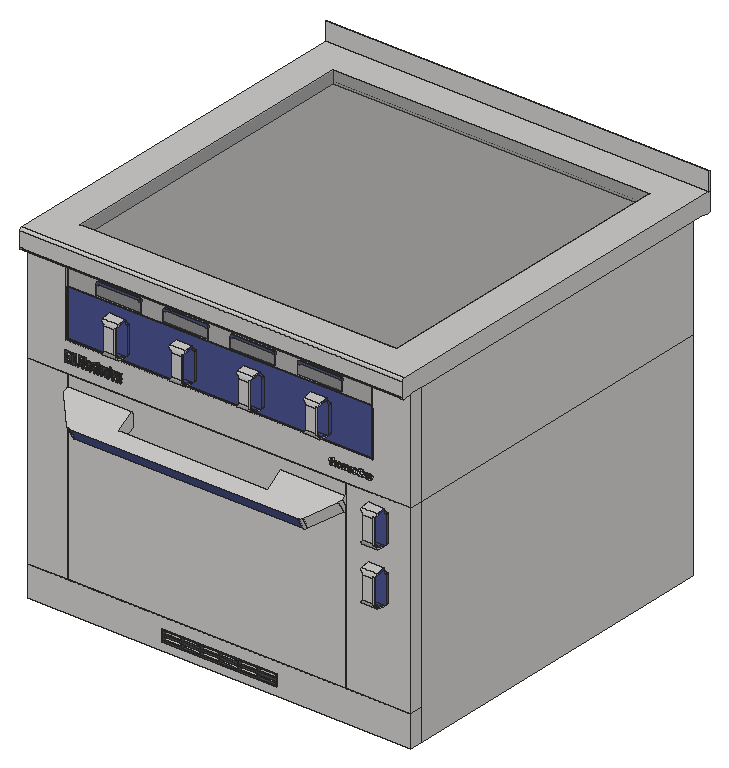
Revit family "QF_ELECTROLUXPROFESSIONAL_588428_MAIMEBH8AO", category Attrezzature speciali, Revit 2020 (continued)
Definition of nested family "Front_Panel_W800_4 Knobs"
  Definition of nested family "ELX_Professional_Logo_Small"
    Forms (mm)
      Extrusion 2, solid, material <- "Material_Logo"
        sketch origin (15.5, 0, 0) x (1, 0, 0) y (0, 1, 0)
          loop
            spline (-20.635, 1.669) -> (-20.584, 0.889) -> (-20.433, 0.149) -> (-20.19, -0.545) -> (-19.862, -1.187) -> (-19.455, -1.774) -> (-18.976, -2.299) -> (-18.43, -2.758) -> (-17.826, -3.145) -> (-17.169, -3.454) -> (-16.467, -3.682) -> (-15.725, -3.823) -> (-14.951, -3.871)
            spline (-14.951, -3.871) -> (-14.564, -3.86) -> (-14.184, -3.826) -> (-13.809, -3.77) -> (-13.44, -3.689) -> (-13.078, -3.583) -> (-12.723, -3.451) -> (-12.375, -3.292) -> (-12.035, -3.105) -> (-11.703, -2.89) -> (-11.38, -2.646) -> (-11.065, -2.371) -> (-10.76, -2.066)
            line (-10.76, -2.066) -> (-12.295, -0.468)
            spline (-12.295, -0.468) -> (-12.474, -0.643) -> (-12.659, -0.805) -> (-12.85, -0.953) -> (-13.048, -1.087) -> (-13.254, -1.206) -> (-13.467, -1.311) -> (-13.69, -1.4) -> (-13.921, -1.475) -> (-14.162, -1.533) -> (-14.414, -1.575) -> (-14.677, -1.6) -> (-14.951, -1.609)
            spline (-14.951, -1.609) -> (-15.398, -1.581) -> (-15.823, -1.497) -> (-16.223, -1.362) -> (-16.596, -1.179) -> (-16.937, -0.95) -> (-17.243, -0.678) -> (-17.512, -0.367) -> (-17.739, -0.02) -> (-17.921, 0.36) -> (-18.055, 0.771) -> (-18.138, 1.208) -> (-18.167, 1.669)
          loop
            spline (-4.441, -1.243) -> (-4.659, -1.247) -> (-4.894, -1.23) -> (-5.137, -1.19) -> (-5.384, -1.121) -> (-5.628, -1.021) -> (-5.864, -0.884) -> (-6.084, -0.708) -> (-6.283, -0.488) -> (-6.454, -0.219) -> (-6.592, 0.101) -> (-6.69, 0.478) -> (-6.742, 0.914)
            line (-6.742, 0.914) -> (-6.742, 4.587) -> (-4.487, 4.587) -> (-4.487, 6.838) -> (-6.738, 6.838) -> (-6.738, 10.824) -> (-9.217, 10.824) -> (-9.217, 0.773)
            spline (-9.217, 0.773) -> (-9.164, 0.19) -> (-9.068, -0.358) -> (-8.928, -0.87) -> (-8.742, -1.343) -> (-8.511, -1.777) -> (-8.232, -2.168) -> (-7.904, -2.515) -> (-7.527, -2.816) -> (-7.098, -3.069) -> (-6.618, -3.273) -> (-6.084, -3.426) -> (-5.496, -3.525)
            line (-5.496, -3.525) -> (-4.45, -3.573) -> (-4.441, -1.243)
          loop
            spline (3.898, 6.983) -> (3.469, 7.009) -> (3.056, 7.001) -> (2.661, 6.961) -> (2.283, 6.888) -> (1.925, 6.785) -> (1.588, 6.652) -> (1.272, 6.49) -> (0.979, 6.301) -> (0.71, 6.085) -> (0.465, 5.844) -> (0.247, 5.578) -> (0.056, 5.289)
            line (0.056, 5.289) -> (0.056, 6.838) -> (-2.402, 6.838) -> (-2.402, -3.572) -> (0.056, -3.572) -> (0.056, 1.901)
            spline (0.056, 1.901) -> (0.079, 2.316) -> (0.145, 2.703) -> (0.254, 3.06) -> (0.404, 3.386) -> (0.592, 3.679) -> (0.818, 3.938) -> (1.08, 4.162) -> (1.375, 4.348) -> (1.703, 4.495) -> (2.062, 4.602) -> (2.45, 4.668) -> (2.865, 4.69)
            line (2.865, 4.69) -> (3.898, 4.586) -> (3.898, 6.983)
          loop
            spline (15.638, 1.633) -> (15.586, 2.396) -> (15.435, 3.124) -> (15.192, 3.81) -> (14.863, 4.449) -> (14.455, 5.034) -> (13.975, 5.56) -> (13.43, 6.021) -> (12.826, 6.411) -> (12.17, 6.724) -> (11.469, 6.955) -> (10.729, 7.098) -> (9.958, 7.147)
            spline (9.958, 7.147) -> (9.182, 7.098) -> (8.44, 6.955) -> (7.737, 6.724) -> (7.081, 6.411) -> (6.477, 6.021) -> (5.933, 5.56) -> (5.454, 5.034) -> (5.048, 4.449) -> (4.721, 3.81) -> (4.479, 3.124) -> (4.329, 2.396) -> (4.277, 1.633)
            spline (4.277, 1.633) -> (4.329, 0.869) -> (4.479, 0.141) -> (4.721, -0.544) -> (5.048, -1.183) -> (5.454, -1.768) -> (5.933, -2.294) -> (6.477, -2.755) -> (7.081, -3.145) -> (7.737, -3.459) -> (8.44, -3.69) -> (9.182, -3.833) -> (9.958, -3.882)
            spline (9.958, -3.882) -> (10.729, -3.833) -> (11.469, -3.69) -> (12.17, -3.459) -> (12.826, -3.145) -> (13.43, -2.755) -> (13.975, -2.294) -> (14.455, -1.768) -> (14.863, -1.183) -> (15.192, -0.544) -> (15.435, 0.141) -> (15.586, 0.869) -> (15.638, 1.633)
          loop
            spline (13.18, 1.633) -> (13.151, 2.083) -> (13.067, 2.513) -> (12.932, 2.918) -> (12.748, 3.296) -> (12.52, 3.642) -> (12.251, 3.954) -> (11.943, 4.227) -> (11.601, 4.459) -> (11.228, 4.645) -> (10.828, 4.782) -> (10.403, 4.867) -> (9.958, 4.896)
            spline (9.958, 4.896) -> (9.509, 4.867) -> (9.081, 4.782) -> (8.679, 4.645) -> (8.306, 4.459) -> (7.964, 4.227) -> (7.658, 3.954) -> (7.39, 3.642) -> (7.163, 3.296) -> (6.981, 2.918) -> (6.847, 2.513) -> (6.765, 2.083) -> (6.736, 1.633)
            spline (6.736, 1.633) -> (6.765, 1.182) -> (6.847, 0.753) -> (6.981, 0.347) -> (7.163, -0.031) -> (7.39, -0.377) -> (7.658, -0.689) -> (7.964, -0.962) -> (8.306, -1.193) -> (8.679, -1.38) -> (9.081, -1.517) -> (9.509, -1.602) -> (9.958, -1.631)
            spline (9.958, -1.631) -> (10.403, -1.602) -> (10.828, -1.517) -> (11.228, -1.38) -> (11.601, -1.193) -> (11.943, -0.962) -> (12.251, -0.689) -> (12.52, -0.377) -> (12.748, -0.031) -> (12.932, 0.347) -> (13.067, 0.753) -> (13.151, 1.182) -> (13.18, 1.633)
          loop
            line (17.162, 4.269) -> (17.162, -3.573) -> (19.642, -3.573) -> (19.642, 10.824) -> (17.162, 10.824) -> (17.162, 4.269)
          loop
            line (28.581, 6.838) -> (28.581, 0.786)
            spline (28.581, 0.786) -> (28.561, 0.393) -> (28.503, 0.038) -> (28.409, -0.279) -> (28.281, -0.559) -> (28.122, -0.802) -> (27.933, -1.011) -> (27.717, -1.185) -> (27.476, -1.325) -> (27.213, -1.433) -> (26.929, -1.509) -> (26.626, -1.554) -> (26.308, -1.569)
            spline (26.308, -1.569) -> (25.99, -1.554) -> (25.688, -1.509) -> (25.404, -1.434) -> (25.141, -1.326) -> (24.9, -1.187) -> (24.684, -1.014) -> (24.496, -0.807) -> (24.336, -0.565) -> (24.209, -0.288) -> (24.115, 0.026) -> (24.057, 0.376) -> (24.037, 0.765)
            line (24.037, 0.765) -> (24.037, 6.838) -> (21.537, 6.838) -> (21.537, 0.558)
            spline (21.537, 0.558) -> (21.581, -0.153) -> (21.71, -0.8) -> (21.916, -1.384) -> (22.195, -1.904) -> (22.54, -2.362) -> (22.944, -2.757) -> (23.403, -3.09) -> (23.909, -3.362) -> (24.456, -3.572) -> (25.04, -3.722) -> (25.652, -3.811) -> (26.288, -3.841)
            spline (26.288, -3.841) -> (26.929, -3.811) -> (27.547, -3.72) -> (28.135, -3.568) -> (28.687, -3.355) -> (29.197, -3.079) -> (29.66, -2.741) -> (30.068, -2.341) -> (30.415, -1.877) -> (30.696, -1.349) -> (30.905, -0.757) -> (31.034, -0.101) -> (31.079, 0.621)
            line (31.079, 0.621) -> (31.079, 6.838) -> (28.581, 6.838)
          loop
            line (40.457, -0.243) -> (38.894, 1.942) -> (40.83, 4.579) -> (42.488, 6.837) -> (39.782, 6.837) -> (37.53, 3.719) -> (35.258, 6.837) -> (32.573, 6.837) -> (34.113, 4.731) -> (36.167, 1.922) -> (34.014, -1.076) -> (32.222, -3.573) -> (34.887, -3.573) -> (37.53, 0.104) -> (40.174, -3.573) -> (42.839, -3.573) -> (40.457, -0.243)
          loop
            line (-46.121, -5.837) -> (-48.039, -5.837) -> (-48.039, -10.814) -> (-47.016, -10.814) -> (-47.016, -9.128) -> (-46.121, -9.128)
            arc (-46.121, -9.128) -> (-44.476, -7.482) -> (-46.121, -5.837) r 1.645
          loop
            line (-46.163, -6.778) -> (-47.016, -6.778) -> (-47.016, -8.187) -> (-46.163, -8.187)
            arc (-46.163, -8.187) -> (-45.458, -7.482) -> (-46.163, -6.778) r 0.704
          loop
            line (-38.313, -5.837) -> (-40.265, -5.837) -> (-40.265, -10.814) -> (-39.241, -10.814) -> (-39.241, -9.1) -> (-38.46, -9.182) -> (-37.48, -10.814) -> (-36.318, -10.814) -> (-37.513, -8.848)
            arc (-37.513, -8.848) -> (-36.888, -8.266) -> (-36.671, -7.441) r 1.536
            arc (-36.671, -7.441) -> (-37.165, -6.305) -> (-38.313, -5.837) r 1.643
          loop
            arc (-38.402, -8.166) -> (-37.707, -7.505) -> (-38.334, -6.778) r 0.696
            line (-38.334, -6.778) -> (-39.241, -6.778) -> (-39.241, -8.166) -> (-38.402, -8.166)
          loop
            circle (-29.965, -8.325) r 2.585
          loop
            circle (-29.965, -8.325) r 1.64
          loop
            line (-23.1, -5.837) -> (-23.1, -10.814) -> (-22.076, -10.814) -> (-22.076, -8.768) -> (-20.204, -8.768) -> (-20.204, -7.828) -> (-22.076, -7.828) -> (-22.076, -6.778) -> (-20.024, -6.778) -> (-20.024, -5.837) -> (-23.1, -5.837)
          loop
            line (-15.802, -5.837) -> (-15.802, -9.2)
            arc (-15.802, -9.2) -> (-15.343, -10.34) -> (-14.209, -10.814) r 1.593
            line (-14.209, -10.814) -> (-12.602, -10.814) -> (-12.602, -10.027) -> (-14.004, -10.027)
            arc (-14.004, -10.027) -> (-14.552, -9.8) -> (-14.779, -9.252) r 0.775
            line (-14.779, -9.252) -> (-14.779, -8.424) -> (-12.789, -8.424) -> (-12.789, -7.642) -> (-14.779, -7.642) -> (-14.779, -6.778) -> (-12.651, -6.778) -> (-12.651, -5.837) -> (-15.802, -5.837)
          loop
            line (-5.909, -7.143) -> (-5.173, -6.638)
            arc (-5.173, -6.638) -> (-5.855, -5.974) -> (-6.781, -5.755) r 1.782
            arc (-6.781, -5.755) -> (-7.397, -5.878) -> (-7.944, -6.189) r 1.974
            arc (-7.944, -6.189) -> (-8.202, -6.5) -> (-8.317, -6.888) r 1.013
            arc (-8.317, -6.888) -> (-8.306, -7.341) -> (-8.192, -7.78) r 1.985
            arc (-8.192, -7.78) -> (-7.749, -8.259) -> (-7.171, -8.563) r 1.928
            arc (-7.171, -8.563) -> (-6.637, -8.779) -> (-6.131, -9.056) r 5.041
            arc (-6.131, -9.056) -> (-5.934, -9.387) -> (-6.09, -9.74) r 0.42
            arc (-6.09, -9.74) -> (-6.631, -9.96) -> (-7.204, -9.845) r 1.016
            arc (-7.204, -9.845) -> (-7.625, -9.603) -> (-7.889, -9.196) r 1.033
            line (-7.889, -9.196) -> (-8.67, -9.686)
            arc (-8.67, -9.686) -> (-8.361, -10.198) -> (-7.908, -10.589) r 1.914
            arc (-7.908, -10.589) -> (-7.334, -10.834) -> (-6.714, -10.896) r 2.063
            arc (-6.714, -10.896) -> (-5.947, -10.743) -> (-5.256, -10.376) r 2.696
            arc (-5.256, -10.376) -> (-4.95, -9.565) -> (-5.108, -8.712) r 1.618
            arc (-5.108, -8.712) -> (-5.448, -8.319) -> (-5.884, -8.035) r 1.876
            arc (-5.884, -8.035) -> (-6.434, -7.789) -> (-6.999, -7.577) r 9.883
            arc (-6.999, -7.577) -> (-7.325, -7.07) -> (-6.854, -6.694) r 0.45
            arc (-6.854, -6.694) -> (-6.329, -6.809) -> (-5.909, -7.143) r 1.197
          loop
            line (1.61, -7.143) -> (2.345, -6.638)
            arc (2.345, -6.638) -> (1.663, -5.974) -> (0.737, -5.755) r 1.782
            arc (0.737, -5.755) -> (0.121, -5.878) -> (-0.425, -6.189) r 1.974
            arc (-0.425, -6.189) -> (-0.683, -6.5) -> (-0.799, -6.888) r 1.013
            arc (-0.799, -6.888) -> (-0.788, -7.341) -> (-0.674, -7.78) r 1.985
            arc (-0.674, -7.78) -> (-0.231, -8.259) -> (0.347, -8.563) r 1.928
            arc (0.347, -8.563) -> (0.881, -8.779) -> (1.387, -9.056) r 5.041
            arc (1.387, -9.056) -> (1.584, -9.387) -> (1.428, -9.74) r 0.42
            arc (1.428, -9.74) -> (0.887, -9.96) -> (0.314, -9.845) r 1.016
            arc (0.314, -9.845) -> (-0.107, -9.603) -> (-0.371, -9.196) r 1.033
            line (-0.371, -9.196) -> (-1.152, -9.686)
            arc (-1.152, -9.686) -> (-0.842, -10.198) -> (-0.39, -10.589) r 1.914
            arc (-0.39, -10.589) -> (0.184, -10.834) -> (0.804, -10.896) r 2.063
            arc (0.804, -10.896) -> (1.572, -10.743) -> (2.263, -10.376) r 2.696
            arc (2.263, -10.376) -> (2.568, -9.565) -> (2.411, -8.712) r 1.618
            arc (2.411, -8.712) -> (2.07, -8.319) -> (1.635, -8.035) r 1.876
            arc (1.635, -8.035) -> (1.084, -7.789) -> (0.519, -7.577) r 9.883
            arc (0.519, -7.577) -> (0.193, -7.07) -> (0.665, -6.694) r 0.45
            arc (0.665, -6.694) -> (1.189, -6.809) -> (1.61, -7.143) r 1.197
          loop
            line (6.801, -5.837) -> (6.801, -10.814) -> (7.825, -10.814) -> (7.825, -5.837) -> (6.801, -5.837)
          loop
            circle (14.724, -8.325) r 1.548
          loop
            circle (14.724, -8.325) r 2.585
          loop
            line (21.59, -10.814) -> (22.623, -10.814) -> (22.623, -7.685) -> (24.9, -10.814) -> (25.895, -10.814) -> (25.895, -5.837) -> (24.861, -5.837) -> (24.861, -9.061) -> (22.585, -5.837) -> (21.59, -5.837) -> (21.59, -10.814)
          loop
            line (31.054, -10.814) -> (31.539, -9.74) -> (33.38, -9.74) -> (33.865, -10.814) -> (34.965, -10.814) -> (32.46, -5.837) -> (29.956, -10.814) -> (31.054, -10.814)
          loop
            line (32.46, -7.698) -> (31.999, -8.719) -> (32.921, -8.719) -> (32.46, -7.698)
          loop
            line (40.047, -9.873) -> (40.047, -5.837) -> (39.024, -5.837) -> (39.024, -10.814) -> (41.961, -10.814) -> (41.961, -9.873) -> (40.047, -9.873)
          loop
            line (-74.986, -10.814) -> (-53.322, -10.814) -> (-53.322, 10.82) -> (-74.986, 10.82) -> (-74.986, -10.814)
          loop
            line (-61.261, 9.758) -> (-61.261, -9.707)
            arc (-61.261, -9.707) -> (-54.066, 0.025) -> (-61.261, 9.758) r 10.18
          loop
            line (-62.251, 8.349) -> (-62.251, 9.758)
            arc (-62.251, 9.758) -> (-70.347, 7.918) -> (-74.247, 0.59) r 9.976
            line (-74.247, 0.59) -> (-71.026, 0.59)
            arc (-71.026, 0.59) -> (-65.274, 2.925) -> (-62.251, 8.349) r 9.351
          loop
            arc (-74.247, -0.539) -> (-70.353, -7.928) -> (-62.251, -9.957) r 10.237
            line (-62.251, -9.957) -> (-62.251, -8.298)
            arc (-62.251, -8.298) -> (-65.274, -2.874) -> (-71.026, -0.539) r 9.351
            line (-71.026, -0.539) -> (-74.247, -0.539)
        from 0 to 1.644
    Dimensions and locks
      aligned and locked: plane 2 to Extrusion 1
      aligned and locked: level to Extrusion 1
